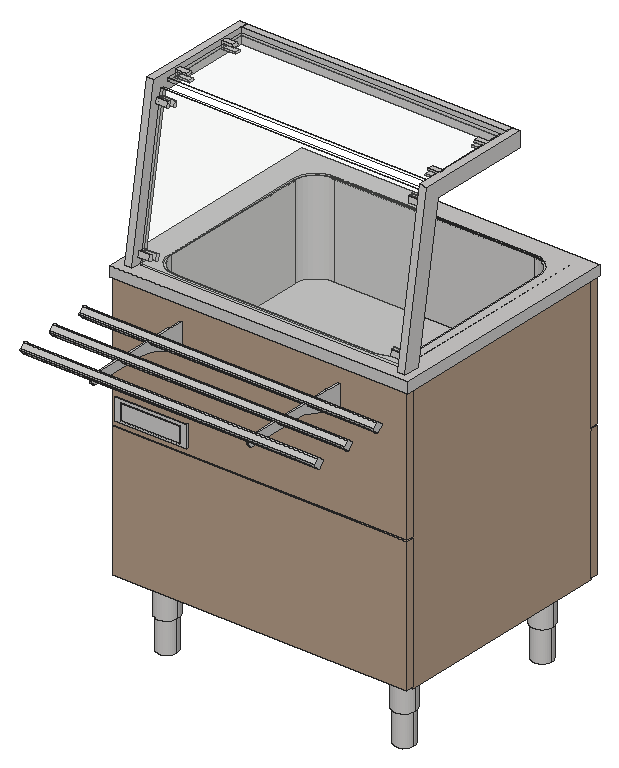
Revit family "QF_ELECTROLUXPROFESSIONAL_322090_F10C2AF01W", category Specialty Equipment, Revit 2018
Family settings
  Round Connector Dimension = Use Diameter
  Part Type = Normal
  Work Plane-Based = No
  Always vertical = Yes
  Cut with Voids When Loaded = No
  Shared = No
  Room Calculation Point = No
Parameters (values of type "Standard")
  Weight = 107.00 kg
  Watts = 0 W
  Volts = 220 V
  URL Manufacturer = "http://professional.electrolux.com"
  URL = "http://professional.electrolux.com"
  Steam Supply Size = 0 mm
  Steam Supply Minimum Pressure = 0.0 Pa
  Steam Supply Maximum Pressure = 0.0 Pa
  Steam Pounds per Hour = 0
  Show Clearance [instance] = yes
  Refrigeration Suction Line Size = 0 mm
  Refrigeration Liquid Line Size = 0 mm
  Refrigerant Compressor Remote = yes
  Manufacturer = "Electrolux Professional"
  Phase = 1
  Model = "F10C2AF01W"
  Length Actual = 770 mm  # constant formula
  Item Number = "322090"
  Hot Water Size = 0 mm
  Height Actual = 1304 mm  # constant formula
  HP = "0 HP"
  Gas Size = 0 mm
  Gas KW = 0
  Gas Input Pressure = 0 W
  Direct Waste Size = 19.05 mm
  Description = "REFRIGERATED WELL, STATIC, 2GN H=900MM OVERSHELF W/LED LIGHTS"
  Depth Actual = 915 mm  # constant formula
  Cycle = 50 Hz
  Condensate Return Size = 0 mm
  Compressed Air Volume = 0.0 L/s
  Compressed Air Size = 0 mm
  Compressed Air Pressure = 0.0 Pa
  Cold Water Size = 0 mm
  Accessory = yes
Types (2, lengths in mm): name | URL | Manufacturer | Phase | Model | Description
  (no name) | 0 | 0 | 0 | 0 | 0
  Standard | "http://professional.electrolux.com" | "Electrolux Professional" | 1 | "F10C2AF01W" | "REFRIGERATED WELL, STATIC, 2GN H=900MM OVERSHELF W/LED LIGHTS"
Values of the unnamed type that differ from the named types
  Volts = 0 V
  URL Manufacturer = ""
  Item Number = ""
  Cycle = 0 Hz
Reference planes
  plane 1 "Centro (Fronte/Retro)": y = 74.737
  plane 2: z = 0
  plane 3 "BACK": y = 384.737
  plane 4 "FRONT": y = -235.263
  plane 5: z = 900
  plane 6 "RIGHT": x = -129.269
  plane 7 "LEFT": x = -899.269
  plane 8: x = -514.269
  plane 9: y = 664.737
  plane 10: y = -530.02
  plane 11: z = 178
  plane 12: z = 1304
  plane 13: z = 1222
  plane 14: y = 297.737
  plane 15: y = -148.263
  plane 16: x = -821.269
  plane 17: x = -207.269
  plane 18: x = -895.269
  plane 19: y = -231.263
  plane 20: x = -133.269
  plane 21: y = 380.737
  plane 22: z = 874
  plane 23: y = 362.737
  plane 24: y = -213.263
  plane 25: z = 182
  plane 26: z = 527
  plane 27: z = 531
  plane 28: x = -308.269
  plane 29: x = -720.269
  plane 30: x = -877.394
  plane 31: x = -151.144
  plane 32: x = -171.144
  plane 33: x = -857.394
  plane 34: x = -849.269
  plane 35: x = -179.269
  plane 36: y = 130.237
  plane 37: y = 19.237
  plane 38: y = 33.237
  plane 39: y = 116.237
  plane 40: x = -787.269
  plane 41: x = -234.269
Forms (mm)
  Extrusion 1, solid, material "QF_Finishes_Wood"
    sketch origin (0, 0, 0) x (1, 0, 0) y (0, 1, 0)
      loop
        line (-895.269, 362.737) -> (-895.269, -213.263) -> (-133.269, -213.263) -> (-133.269, 362.737) -> (-895.269, 362.737)
    from 178 to 874
  Extrusion 2, solid, material "QF_Finishes_Wood"
    sketch origin (-133.269, 362.737, 0) x (0, -1, 0) y (0, 0, -1)
      loop
        line (576, -182) -> (576, -527) -> (594, -527) -> (594, -182) -> (576, -182)
      loop
        line (576, -531) -> (576, -874) -> (594, -874) -> (594, -531) -> (576, -531)
    from 0 to -762
  Extrusion 3, solid, material "QF_Finishes_Wood"
    sketch origin (-133.269, -213.263, 0) x (0, 1, 0) y (0, 0, 1)
      loop
        line (576, 531) -> (594, 531) -> (594, 874) -> (576, 874) -> (576, 531)
    from 0 to -762
  Extrusion 4, solid, material "QF_Finishes_Stainless Steel"
    sketch origin (0, 0, 0) x (1, 0, 0) y (0, 1, 0)
      loop
        line (-899.269, 384.737) -> (-899.269, -235.263) -> (-129.269, -235.263) -> (-129.269, 384.737) -> (-899.269, 384.737)
    from 874 to 900
  Extrusion 5, solid, material "QF_Finishes_Stainless Steel"
    sketch origin (-313.269, 362.737, 0) x (0, -1, 0) y (0, 0, -1)
      loop
        arc (628.84, -832.7) -> (632.082, -833.911) -> (635.519, -834.32) r 14.5
        line (635.519, -834.32) -> (675.715, -834.32) -> (689.858, -820.177) -> (704, -834.32) -> (770.715, -834.32) -> (784.858, -820.177) -> (799, -834.32) -> (865.716, -834.32) -> (879.858, -820.177) -> (887.686, -828.005) -> (887.686, -821.352)
        arc (887.686, -821.352) -> (887.303, -819.435) -> (886.214, -817.81) r 4.999
        line (886.214, -817.81) -> (881.179, -812.776)
        arc (881.179, -812.776) -> (879.559, -811.698) -> (877.651, -811.32) r 5
        line (877.651, -811.32) -> (732.206, -811.32)
        arc (732.206, -811.32) -> (708.662, -809.221) -> (685.86, -802.991) r 133.106
        line (685.86, -802.991) -> (638.285, -785.32) -> (597.679, -770.12) -> (594, -770.12) -> (594, -832.7) -> (628.84, -832.7)
    from 0 to 5
  Extrusion 6, void
    sketch origin (0, 0, 0) x (1, 0, 0) y (0, 1, 0)
      loop
        line (-834.269, 273.737) -> (-834.269, -124.263)
        arc (-834.269, -124.263) -> (-816.402, -167.396) -> (-773.269, -185.263) r 61
        line (-773.269, -185.263) -> (-255.269, -185.263)
        arc (-255.269, -185.263) -> (-212.135, -167.396) -> (-194.269, -124.263) r 61
        line (-194.269, -124.263) -> (-194.269, 273.737)
        arc (-194.269, 273.737) -> (-212.135, 316.871) -> (-255.269, 334.737) r 61
        line (-255.269, 334.737) -> (-773.269, 334.737)
        arc (-773.269, 334.737) -> (-816.402, 316.871) -> (-834.269, 273.737) r 61
    from 610.167 to 900
  Extrusion 7, solid, material "QF_Finishes_Wood"
    sketch origin (419.731, -213.263, -348) x (0, 1, 0) y (0, 0, 1)
      loop
        line (576, 530) -> (594, 530) -> (594, 875) -> (576, 875) -> (576, 530)
    from -553 to -658.044
  Extrusion 8, solid, material "QF_Finishes_Wood"
    sketch origin (-234.269, -213.263, -348) x (0, 1, 0) y (0, 0, 1)
      loop
        line (576, 530) -> (594, 530) -> (594, 875) -> (576, 875) -> (576, 530)
    from -548.963 to -661
  Extrusion 9, solid, material "QF_Door-Drawer Clearances", visible <- "Show Clearance"
    sketch origin (0, -4, 0) x (1, 0, 0) y (0, 1, 0)
      loop
        line (-783.232, 384.737) -> (-238.312, 384.737) -> (-710.987, 657.636)
        arc (-710.987, 657.636) -> (-765.12, 525.955) -> (-783.232, 384.737) r 544.001
    from 182 to 527
  Extrusion 10, solid, material "QF_Finishes_Stainless Steel"
    sketch origin (-720.269, 362.737, 0) x (0, -1, 0) y (0, 0, -1)
      loop
        arc (628.84, -832.7) -> (632.082, -833.911) -> (635.519, -834.32) r 14.5
        line (635.519, -834.32) -> (675.715, -834.32) -> (689.858, -820.177) -> (704, -834.32) -> (770.715, -834.32) -> (784.858, -820.177) -> (799, -834.32) -> (865.716, -834.32) -> (879.858, -820.177) -> (887.686, -828.005) -> (887.686, -821.352)
        arc (887.686, -821.352) -> (887.303, -819.435) -> (886.214, -817.81) r 4.999
        line (886.214, -817.81) -> (881.179, -812.776)
        arc (881.179, -812.776) -> (879.559, -811.698) -> (877.651, -811.32) r 5
        line (877.651, -811.32) -> (732.206, -811.32)
        arc (732.206, -811.32) -> (708.662, -809.221) -> (685.86, -802.991) r 133.106
        line (685.86, -802.991) -> (638.285, -785.32) -> (597.679, -770.12) -> (594, -770.12) -> (594, -832.7) -> (628.84, -832.7)
    from 0 to 5
  Extrusion 11, solid, material "QF_Finishes_Stainless Steel"
    sketch origin (-133.269, 362.737, 0) x (0, -1, 0) y (0, 0, -1)
      loop
        line (881.983, -846.337) -> (891.875, -836.445)
        arc (891.875, -836.445) -> (892.757, -834.322) -> (891.879, -832.198) r 3
        line (891.879, -832.198) -> (881.979, -822.299)
        arc (881.979, -822.299) -> (879.858, -821.42) -> (877.737, -822.299) r 3
        line (877.737, -822.299) -> (867.837, -832.198)
        arc (867.837, -832.198) -> (866.958, -834.32) -> (867.837, -836.441) r 3
        line (867.837, -836.441) -> (877.737, -846.34)
        arc (877.737, -846.34) -> (879.86, -847.219) -> (881.983, -846.337) r 3
      loop
        line (786.979, -846.34) -> (796.879, -836.441)
        arc (796.879, -836.441) -> (797.757, -834.32) -> (796.879, -832.198) r 3
        line (796.879, -832.198) -> (786.979, -822.299)
        arc (786.979, -822.299) -> (784.858, -821.42) -> (782.737, -822.299) r 3
        line (782.737, -822.299) -> (772.837, -832.198)
        arc (772.837, -832.198) -> (771.958, -834.317) -> (772.833, -836.437) r 3
        line (772.833, -836.437) -> (782.741, -846.345)
        arc (782.741, -846.345) -> (784.861, -847.219) -> (786.979, -846.34) r 3
      loop
        line (691.976, -846.343) -> (701.882, -836.438)
        arc (701.882, -836.438) -> (702.757, -834.318) -> (701.879, -832.198) r 3
        line (701.879, -832.198) -> (691.979, -822.299)
        arc (691.979, -822.299) -> (689.858, -821.42) -> (687.737, -822.299) r 3
        line (687.737, -822.299) -> (677.837, -832.198)
        arc (677.837, -832.198) -> (676.958, -834.32) -> (677.837, -836.441) r 3
        line (677.837, -836.441) -> (687.737, -846.34)
        arc (687.737, -846.34) -> (689.856, -847.219) -> (691.976, -846.343) r 3
    from 0 to -762
  Extrusion 12, solid, material "QF_Finishes_Stainless Steel"
    sketch origin (-133.269, 362.737, 0) x (0, -1, 0) y (0, 0, -1)
      loop
        line (206.477, -1264.379) -> (206.477, -1304) -> (507.108, -1304) -> (578.344, -900) -> (537.727, -900) -> (473.477, -1264.379) -> (206.477, -1264.379)
    from -17.875 to -37.875
  Extrusion 13, solid, material "QF_Finishes_Stainless Steel"
    sketch origin (-895.269, 362.737, 0) x (0, -1, 0) y (0, 0, 1)
      loop
        line (206.477, 1264.379) -> (473.477, 1264.379) -> (537.727, 900) -> (578.344, 900) -> (507.108, 1304) -> (206.477, 1304) -> (206.477, 1264.379)
    from -17.875 to -37.875
  Extrusion 14, solid, material "QF_Finishes_Glass"
    sketch origin (-133.269, -231.263, 531) x (0, 0, 1) y (-1, 0, 0)
      loop
        line (757.879, 46) -> (765.879, 46) -> (765.879, 716) -> (757.879, 716) -> (757.879, 46)
    from -361.5 to -120.204
  Extrusion 15, solid, material "QF_Finishes_Stainless Steel"
    sketch origin (0, 0, 0) x (1, 0, 0) y (0, 1, 0)
      loop
        line (-857.394, 156.26) -> (-857.394, 136.26) -> (-171.144, 136.26) -> (-171.144, 156.26) -> (-857.394, 156.26)
    from 1264.379 to 1304
  Extrusion 16, solid, material "QF_Finishes_Glass"
    sketch origin (-133.269, 362.737, 0) x (0, -1, 0) y (0, 0, -1)
      loop
        line (494.569, -1282.974) -> (562.097, -900) -> (553.974, -900) -> (486.445, -1282.974) -> (494.569, -1282.974)
    from -46 to -716
  Extrusion 17, solid, material "QF_Finishes_Stainless Steel"
    sketch origin (-133.269, -64.263, 531) x (0, 0, 1) y (-1, 0, 0)
      loop
        line (765.879, 691.5) -> (770.879, 693.5) -> (770.879, 724.125) -> (750.879, 724.125) -> (750.879, 716) -> (751.974, 716) -> (751.974, 685.938) -> (755.879, 687.5) -> (755.879, 717) -> (765.879, 717) -> (765.879, 691.5)
    from 0 to 14
  Extrusion 18, solid, material "QF_Finishes_Stainless Steel"
    sketch origin (-133.269, 85.737, 531) x (0, 0, 1) y (-1, 0, 0)
      loop
        line (765.879, 691.5) -> (770.879, 693.5) -> (770.879, 724.125) -> (750.879, 724.125) -> (750.879, 716) -> (751.974, 716) -> (751.974, 685.938) -> (755.879, 687.5) -> (755.879, 717) -> (765.879, 717) -> (765.879, 691.5)
    from 0 to 14
  Extrusion 19, solid, material "QF_Finishes_Stainless Steel"
    sketch origin (-895.269, -64.263, 531) x (0, 0, 1) y (-1, 0, 0)
      loop
        line (765.879, -691.5) -> (765.879, -717) -> (755.879, -717) -> (755.879, -687.5) -> (751.974, -685.938) -> (751.974, -716) -> (750.879, -716) -> (750.879, -724.125) -> (770.879, -724.125) -> (770.879, -693.5) -> (765.879, -691.5)
    from 0 to 14
  Extrusion 20, solid, material "QF_Finishes_Stainless Steel"
    sketch origin (-895.269, 85.737, 531) x (0, 0, 1) y (-1, 0, 0)
      loop
        line (765.879, -691.5) -> (765.879, -717) -> (755.879, -717) -> (755.879, -687.5) -> (751.974, -685.938) -> (751.974, -716) -> (750.879, -716) -> (750.879, -724.125) -> (770.879, -724.125) -> (770.879, -693.5) -> (765.879, -691.5)
    from 0 to 14
  Extrusion 21, solid, material "QF_Finishes_Stainless Steel"
    sketch origin (-895.269, 619.458, 1129.907) x (0, -0.984808, 0.173648) y (-1, 0, 0)
      loop
        line (765.879, -691.5) -> (765.879, -717) -> (755.879, -717) -> (755.879, -687.5) -> (751.974, -685.938) -> (751.974, -716) -> (750.879, -716) -> (750.879, -724.125) -> (770.879, -724.125) -> (770.879, -693.5) -> (765.879, -691.5)
    from 0 to 14
  Extrusion 22, solid, material "QF_Finishes_Stainless Steel"
    sketch origin (-133.269, 619.458, 1129.907) x (0, -0.984808, 0.173648) y (-1, 0, 0)
      loop
        line (765.879, 691.5) -> (770.879, 693.5) -> (770.879, 724.125) -> (750.879, 724.125) -> (750.879, 716) -> (751.974, 716) -> (751.974, 685.938) -> (755.879, 687.5) -> (755.879, 717) -> (765.879, 717) -> (765.879, 691.5)
    from 0 to 14
  Extrusion 23, solid, material "QF_Finishes_Stainless Steel"
    sketch origin (-895.269, 562.154, 799.389) x (0, -0.984808, 0.173648) y (-1, 0, 0)
      loop
        line (765.879, -691.5) -> (765.879, -717) -> (755.879, -717) -> (755.879, -687.5) -> (751.974, -685.938) -> (751.974, -716) -> (750.879, -716) -> (750.879, -724.125) -> (770.879, -724.125) -> (770.879, -693.5) -> (765.879, -691.5)
    from 0 to 14
  Extrusion 24, solid, material "QF_Finishes_Stainless Steel"
    sketch origin (-133.269, 562.154, 799.389) x (0, -0.984808, 0.173648) y (-1, 0, 0)
      loop
        line (765.879, 691.5) -> (770.879, 693.5) -> (770.879, 724.125) -> (750.879, 724.125) -> (750.879, 716) -> (751.974, 716) -> (751.974, 685.938) -> (755.879, 687.5) -> (755.879, 717) -> (765.879, 717) -> (765.879, 691.5)
    from 0 to 14
  Extrusion 25, solid, material "QF_Finishes_Wood"
    sketch origin (314.688, -213.263, -348) x (0, 1, 0) y (0, 0, 1)
      loop
        line (576, 530) -> (594, 530) -> (594, 875) -> (576, 875) -> (576, 530)
    from -553 to -1097.92
  Extrusion 26, solid, material "QF_Finishes_Stainless Steel"
    sketch origin (-1028.537, 3.4, 0) x (-1, 0, 0) y (0, -1, 0)
      loop
        circle (-196.269, -121.337) r 10
    from 178 to 166
  Extrusion 27, solid, material "QF_Finishes_Stainless Steel"
    sketch origin (-1028.537, 146.074, 0) x (-1, 0, 0) y (0, -1, 0)
      loop
        circle (-196.269, 121.337) r 10
    from 178 to 166
Cuts and joins
  Extrusion 6 cuts Extrusion 1
  Extrusion 6 cuts Extrusion 4
Lines and regions (mm)
  symbolic lines
    curve 1: line (-129.269, 384.737, 0) -> (-129.269, -235.263, 0)
    curve 2: line (-899.269, -235.263, 0) -> (-899.269, 384.737, 0)
    curve 3: line (-899.269, 384.737, 0) -> (-129.269, 384.737, 0)
    curve 4: line (-899.269, -235.263, 0) -> (-129.269, -235.263, 0)
    curve 5: line (-179.269, -64.263, 0) -> (-179.269, 71.737, 0)
    curve 6: line (-849.269, 71.737, 0) -> (-849.269, -64.263, 0)
    curve 7: line (-877.394, 156.26, 0) -> (-151.144, 156.26, 0)
    curve 8: line (-151.144, 156.26, 0) -> (-151.144, -215.607, 0)
    curve 9: line (-151.144, -215.607, 0) -> (-171.144, -215.607, 0)
    curve 10: line (-171.144, -215.607, 0) -> (-171.144, 156.26, 0)
    curve 11: line (-171.144, 136.26, 0) -> (-857.394, 136.26, 0)
    curve 12: line (-857.394, 156.26, 0) -> (-857.394, -215.607, 0)
    curve 13: line (-857.394, -215.607, 0) -> (-877.394, -215.607, 0)
    curve 14: line (-877.394, -215.607, 0) -> (-877.394, 156.26, 0)
    curve 15: line (-877.394, -144.371, 0) -> (-857.394, -144.371, 0)
    curve 16: line (-171.144, -144.371, 0) -> (-151.144, -144.371, 0)
    curve 17: line (-849.269, 130.237, 0) -> (-849.269, 85.737, 0)
    curve 18: line (-849.269, 130.237, 0) -> (-179.269, 130.237, 0)
    curve 19: line (-179.269, 130.237, 0) -> (-179.269, 85.737, 0)
    curve 20: line (-179.269, -78.263, 0) -> (-179.269, -111.059, 0)
    curve 21: line (-171.144, 85.737, 0) -> (-203.769, 85.737, 0)
    curve 22: line (-203.769, 85.737, 0) -> (-203.769, 71.737, 0)
    curve 23: line (-203.769, 71.737, 0) -> (-171.144, 71.737, 0)
    curve 24: line (-171.144, -64.263, 0) -> (-203.769, -64.263, 0)
    curve 25: line (-203.769, -64.263, 0) -> (-203.769, -78.263, 0)
    curve 26: line (-203.769, -78.263, 0) -> (-171.144, -78.263, 0)
    curve 27: line (-857.394, -64.263, 0) -> (-824.769, -64.263, 0)
    curve 28: line (-824.769, -64.263, 0) -> (-824.769, -78.263, 0)
    curve 29: line (-824.769, -78.263, 0) -> (-857.394, -78.263, 0)
    curve 30: line (-857.394, 85.737, 0) -> (-824.769, 85.737, 0)
    curve 31: line (-824.769, 85.737, 0) -> (-824.769, 71.737, 0)
    curve 32: line (-824.769, 71.737, 0) -> (-857.394, 71.737, 0)
    curve 33: line (-857.394, -142.14, 0) -> (-826.769, -142.14, 0)
    curve 34: line (-826.769, -142.14, 0) -> (-826.769, -139.709, 0)
    curve 35: line (-826.769, -139.709, 0) -> (-857.394, -139.709, 0)
    curve 36: line (-826.769, -142.14, 0) -> (-824.769, -137.216, 0)
    curve 37: line (-850.269, -134.785, 0) -> (-824.769, -134.785, 0)
    curve 38: line (-850.269, -134.785, 0) -> (-850.269, -124.937, 0)
    curve 39: line (-850.269, -124.937, 0) -> (-849.269, -124.937, 0)
    curve 40: line (-850.269, -127.368, 0) -> (-849.269, -127.368, 0)
    curve 41: line (-857.394, -120.013, 0) -> (-849.269, -120.013, 0)
    curve 42: line (-849.269, -120.013, 0) -> (-849.269, -121.091, 0)
    curve 43: line (-849.269, -121.091, 0) -> (-819.207, -121.091, 0)
    curve 44: line (-819.207, -121.091, 0) -> (-819.207, -123.708, 0)
    curve 45: line (-819.207, -121.091, 0) -> (-820.269, -123.708, 0)
    curve 46: line (-826.769, -139.709, 0) -> (-824.769, -134.785, 0)
    curve 47: line (-824.769, -134.785, 0) -> (-824.769, -137.216, 0)
    curve 48: line (-849.269, -123.708, 0) -> (-849.269, -134.785, 0)
    curve 49: line (-179.269, -131.831, 0) -> (-179.269, -123.708, 0)
    curve 50: line (-179.269, -123.708, 0) -> (-849.269, -123.708, 0)
    curve 51: line (-171.144, -142.14, 0) -> (-201.769, -142.14, 0)
    curve 52: line (-201.769, -142.14, 0) -> (-201.769, -139.709, 0)
    curve 53: line (-201.769, -139.709, 0) -> (-171.144, -139.709, 0)
    curve 54: line (-201.769, -142.14, 0) -> (-203.769, -137.216, 0)
    curve 55: line (-178.269, -134.785, 0) -> (-203.769, -134.785, 0)
    curve 56: line (-178.269, -134.785, 0) -> (-178.269, -124.937, 0)
    curve 57: line (-178.269, -124.937, 0) -> (-179.269, -124.937, 0)
    curve 58: line (-178.269, -127.368, 0) -> (-179.269, -127.368, 0)
    curve 59: line (-171.144, -120.013, 0) -> (-179.269, -120.013, 0)
    curve 60: line (-179.269, -120.013, 0) -> (-179.269, -121.091, 0)
    curve 61: line (-179.269, -121.091, 0) -> (-209.331, -121.091, 0)
    curve 62: line (-209.331, -121.091, 0) -> (-209.331, -123.708, 0)
    curve 63: line (-209.331, -121.091, 0) -> (-208.268, -123.708, 0)
    curve 64: line (-201.769, -139.709, 0) -> (-203.769, -134.785, 0)
    curve 65: line (-203.769, -134.785, 0) -> (-203.769, -137.216, 0)
    curve 66: line (-179.269, -123.708, 0) -> (-179.269, -134.785, 0)
    curve 67: line (-849.269, -142.14, 0) -> (-849.269, -192.089, 0)
    curve 68: line (-849.269, -177.317, 0) -> (-857.394, -177.317, 0)
    curve 69: line (-849.269, -182.241, 0) -> (-850.269, -182.241, 0)
    curve 70: line (-850.269, -184.672, 0) -> (-849.269, -184.672, 0)
    curve 71: line (-850.269, -182.241, 0) -> (-850.269, -192.089, 0)
    curve 72: line (-850.269, -192.089, 0) -> (-824.779, -192.089, 0)
    curve 73: line (-826.769, -197.013, 0) -> (-824.779, -192.089, 0)
    curve 74: line (-824.779, -192.089, 0) -> (-824.779, -194.52, 0)
    curve 75: line (-826.769, -199.444, 0) -> (-824.779, -194.52, 0)
    curve 76: line (-826.769, -197.013, 0) -> (-826.769, -199.444, 0)
    curve 77: line (-857.394, -199.444, 0) -> (-826.769, -199.444, 0)
    curve 78: line (-826.769, -197.013, 0) -> (-857.394, -197.013, 0)
    curve 79: line (-179.269, -177.317, 0) -> (-171.144, -177.317, 0)
    curve 80: line (-179.269, -182.241, 0) -> (-178.269, -182.241, 0)
    curve 81: line (-178.269, -184.672, 0) -> (-179.269, -184.672, 0)
    curve 82: line (-178.269, -182.241, 0) -> (-178.269, -192.089, 0)
    curve 83: line (-178.269, -192.089, 0) -> (-203.758, -192.089, 0)
    curve 84: line (-201.769, -197.013, 0) -> (-203.758, -192.089, 0)
    curve 85: line (-203.758, -192.089, 0) -> (-203.758, -194.52, 0)
    curve 86: line (-201.769, -199.444, 0) -> (-203.758, -194.52, 0)
    curve 87: line (-201.769, -197.013, 0) -> (-201.769, -199.444, 0)
    curve 88: line (-171.144, -199.444, 0) -> (-201.769, -199.444, 0)
    curve 89: line (-201.769, -197.013, 0) -> (-171.144, -197.013, 0)
    curve 90: line (-826.735, -199.36, 0) -> (-201.803, -199.36, 0)
    curve 91: line (-849.269, -78.263, 0) -> (-849.269, -111.059, 0)
    curve 92: line (-849.269, -111.059, 0) -> (-179.269, -111.059, 0)
    curve 93: line (-849.269, -131.831, 0) -> (-179.269, -131.831, 0)
    curve 94: line (-179.269, -142.14, 0) -> (-179.269, -192.089, 0)
    curve 95: line (-899.269, -235.263, 0) -> (-899.269, -530.02, 0)
    curve 96: line (-899.269, -530.02, 0) -> (-129.269, -530.02, 0)
    curve 97: line (-129.269, -530.02, 0) -> (-129.269, -235.263, 0)
  symbolic lines, style "QF_Door-Drawer Clearances"
    curve 98: line (-245.24, 384.737, 0) -> (-710.987, 653.636, 0)
    curve 99: arc (-710.987, 653.636, 0) -> (-764.605, 523.887, 0) -> (-783.232, 384.737, 0) r 544.001
    curve 100: line (-285.24, 384.737, 0) -> (-720.987, 636.316, 0)
  symbolic lines, style "SpecialityEquipmentHiddenLines"
    curve 101: line (-255.269, 329.737, 0) -> (-773.269, 329.737, 0)
    curve 102: arc (-773.269, 329.737, 0) -> (-812.867, 313.335, 0) -> (-829.269, 273.737, 0) r 56
    curve 103: line (-829.269, 273.737, 0) -> (-829.269, -124.263, 0)
    curve 104: arc (-829.269, -124.263, 0) -> (-812.867, -163.861, 0) -> (-773.269, -180.263, 0) r 56
    curve 105: line (-773.269, -180.263, 0) -> (-255.269, -180.263, 0)
    curve 106: arc (-255.269, -180.263, 0) -> (-215.671, -163.861, 0) -> (-199.269, -124.263, 0) r 56
    curve 107: line (-199.269, -124.263, 0) -> (-199.269, 273.737, 0)
    curve 108: arc (-199.269, 273.737, 0) -> (-215.671, 313.335, 0) -> (-255.269, 329.737, 0) r 56
    curve 109: line (-514.269, 329.737, 0) -> (-514.269, -180.263, 0)
Dimensions and locks
  plane 7 "LEFT" to plane 6 "RIGHT" = 770 mm
  equal spacing: plane 3 "BACK", plane 1 "Centro (Fronte/Retro)", plane 4 "FRONT"
  plane 3 "BACK" to plane 4 "FRONT" = 620 mm
  equal spacing: plane 7 "LEFT", plane 8, plane 6 "RIGHT"
  locked: plane 9 to plane 3 "BACK" at 280
  locked: plane 4 "FRONT" to plane 10 at 294.757
  locked: plane 11 to plane 2 at 178
  locked: plane 5 to plane 2 at 900
  locked: plane 12 to plane 2 at 1304
  locked: plane 13 to plane 2 at 1222
  locked: plane 3 "BACK" to plane 14 at 87
  locked: plane 7 "LEFT" to plane 16 at 78
  locked: plane 17 to plane 6 "RIGHT" at 78
  locked: plane 15 to plane 4 "FRONT" at 87
  locked: plane 3 "BACK" to plane 21 at 4
  locked: plane 7 "LEFT" to plane 18 at 4
  locked: plane 20 to plane 6 "RIGHT" at 4
  locked: plane 19 to plane 4 "FRONT" at 4
  locked: plane 5 to plane 22 at 26
  locked: plane 24 to plane 19 at 18
  locked: plane 21 to plane 23 at 18
  locked: plane 20 to plane 28 at 175
  locked: plane 29 to plane 18 at 175
  equal spacing: plane 30, plane 8, plane 31
  plane 30 to plane 31 = 726.25 mm
  locked: plane 30 to plane 33 at 20
  locked: plane 32 to plane 31 at 20
  equal spacing: plane 34, plane 8, plane 35
  plane 34 to plane 35 = 670 mm
  equal spacing: plane 36, plane 1 "Centro (Fronte/Retro)", plane 37
  plane 36 to plane 37 = 111 mm
  locked: plane 36 to plane 39 at 14
  locked: plane 38 to plane 37 at 14
  locked: plane 41 to plane 6 "RIGHT" at 105
  locked: plane 7 "LEFT" to plane 40 at 112
  plane 16 to plane 7 "LEFT" = 78 mm
  plane 6 "RIGHT" to plane 17 = 78 mm
  angle Extrusion 9 sketch curve to Extrusion 25 = 30.00°
  aligned and locked: level to plane 2
  aligned and locked: Extrusion 1 sketch curve to plane 23
  aligned and locked: plane 18 to Extrusion 1 sketch curve
  aligned and locked: plane 24 to Extrusion 1 sketch curve
  aligned and locked: Extrusion 1 sketch curve to plane 20
  aligned and locked: plane 22 to Extrusion 1
  aligned and locked: Extrusion 1 to plane 11
  aligned and locked: plane 25 to Extrusion 2 sketch curve
  aligned and locked: Extrusion 2 sketch curve to plane 24  (x2)
  aligned and locked: Extrusion 2 sketch curve to plane 26
  aligned and locked: plane 19 to Extrusion 2 sketch curve  (x2)
  aligned and locked: plane 27 to Extrusion 2 sketch curve
  aligned and locked: Extrusion 2 sketch curve to plane 22
  aligned and locked: Extrusion 2 to plane 18
  aligned and locked: Extrusion 3 to plane 18
  aligned and locked: Extrusion 4 sketch curve to plane 3 "BACK"
  aligned and locked: plane 7 "LEFT" to Extrusion 4 sketch curve
  aligned and locked: plane 4 "FRONT" to Extrusion 4 sketch curve
  aligned and locked: Extrusion 4 sketch curve to plane 6 "RIGHT"
  aligned and locked: Extrusion 4 to plane 22
  aligned and locked: plane 20 to Extrusion 7
  aligned and locked: Extrusion 8 to plane 18
  aligned and locked: plane 26 to Extrusion 9
  aligned and locked: Extrusion 7 to plane 25
  aligned and locked: Extrusion 8 to plane 25
  aligned and locked: plane 16 to nested 1
  aligned and locked: plane 17 to nested 2
  aligned and locked: nested 2 to plane 15
  aligned and locked: nested 1 to plane 15
  aligned and locked: nested 3 to plane 14
  aligned and locked: plane 16 to nested 4
  aligned and locked: plane 20 to Extrusion 11
  aligned and locked: Extrusion 11 to plane 18
  aligned and locked: nested 4 to plane 14
  aligned and locked: Extrusion 12 to plane 31
  aligned and locked: Extrusion 12 to plane 32
  aligned and locked: plane 33 to Extrusion 13
  aligned and locked: Extrusion 13 to plane 30
  aligned and locked: Extrusion 15 sketch curve to plane 32
  aligned and locked: plane 33 to Extrusion 15 sketch curve
  aligned and locked: Extrusion 15 to Extrusion 12
  aligned and locked: Extrusion 16 to plane 34
  aligned and locked: plane 35 to Extrusion 16
  aligned and locked: plane 33 to Extrusion 17 sketch curve
  aligned and locked: Extrusion 14 sketch curve to plane 35
  aligned and locked: plane 34 to Extrusion 14 sketch curve
Automatic sketch dimensions
  Extrusion 1 to Extrusion 3 sketch curve = 0 mm
  Extrusion 3 sketch curve to Extrusion 1 = 0 mm
  Extrusion 3 sketch curve to Extrusion 3 sketch curve = 18 mm
  Extrusion 3 sketch curve to Extrusion 3 sketch curve = 343 mm
  Extrusion 5 sketch curve to plane 19 = 0 mm
  plane 4 "FRONT" to Extrusion 5 sketch curve = 0.321 mm
  Extrusion 5 sketch curve to plane 4 "FRONT" = 30.84 mm
  Extrusion 5 sketch curve to Extrusion 5 sketch curve = 6.66 mm
  Extrusion 5 sketch curve to Extrusion 5 sketch curve = 6.678 mm
  Extrusion 5 sketch curve to Extrusion 5 sketch curve = 2.785 mm
  Extrusion 5 sketch curve to Extrusion 5 sketch curve = 40.197 mm
  Extrusion 5 sketch curve to Extrusion 5 sketch curve = 10.145 mm
  Extrusion 5 sketch curve to Extrusion 5 sketch curve = 3.998 mm
  Extrusion 5 sketch curve to plane 22 = 39.68 mm  (x3)
  Extrusion 5 sketch curve to Extrusion 5 sketch curve = 14.142 mm  (x3)
  Extrusion 5 sketch curve to Extrusion 5 sketch curve = 28.206 mm
  Extrusion 5 sketch curve to Extrusion 5 sketch curve = 38.51 mm
  Extrusion 5 sketch curve to Extrusion 5 sketch curve = 14.143 mm
  plane 10 to Extrusion 5 sketch curve = 27.042 mm
  plane 10 to Extrusion 5 sketch curve = 15.107 mm
  Extrusion 5 sketch curve to Extrusion 5 sketch curve = 2.207 mm
  Extrusion 5 sketch curve to Extrusion 5 sketch curve = 3.528 mm  (x2)
  Extrusion 5 sketch curve to Extrusion 5 sketch curve = 2.829 mm
  plane 10 to Extrusion 5 sketch curve = 5.072 mm
  Extrusion 5 sketch curve to Extrusion 5 sketch curve = 1.62 mm
  Extrusion 5 sketch curve to Extrusion 5 sketch curve = 6.314 mm
  Extrusion 5 sketch curve to Extrusion 5 sketch curve = 6.653 mm
  Extrusion 5 sketch curve to Extrusion 5 sketch curve = 1.175 mm
  Extrusion 5 sketch curve to Extrusion 5 sketch curve = 3.858 mm
  Extrusion 5 sketch curve to Extrusion 5 sketch curve = 3.543 mm
  Extrusion 5 sketch curve to Extrusion 5 sketch curve = 23 mm
  Extrusion 5 sketch curve to Extrusion 5 sketch curve = 17.187 mm
  Extrusion 5 sketch curve to Extrusion 5 sketch curve = 34.499 mm
  Extrusion 5 sketch curve to Extrusion 5 sketch curve = 15.2 mm
  Extrusion 5 sketch curve to Extrusion 5 sketch curve = 0 mm
  Extrusion 6 sketch curve to plane 40 = 14 mm  (x2)
  plane 41 to Extrusion 6 sketch curve = 21 mm  (x2)
  plane 17 to Extrusion 6 sketch curve = 13 mm
  plane 24 to Extrusion 6 sketch curve = 28 mm
  plane 15 to Extrusion 6 sketch curve = 24 mm
  Extrusion 6 sketch curve to plane 14 = 24 mm  (x2)
  Extrusion 6 sketch curve to Extrusion 6 sketch curve = 0 mm  (x3)
  Extrusion 7 sketch curve to plane 23 = 0 mm
  Extrusion 7 sketch curve to plane 21 = 0 mm
  Extrusion 7 sketch curve to plane 25 = 0 mm
  Extrusion 7 sketch curve to plane 26 = 0 mm
  Extrusion 8 sketch curve to plane 23 = 0 mm
  Extrusion 8 sketch curve to plane 21 = 0 mm
  Extrusion 8 sketch curve to plane 25 = 0 mm
  Extrusion 8 sketch curve to plane 26 = 0 mm
  Extrusion 9 sketch curve to plane 21 = 0 mm
  Extrusion 9 sketch curve to plane 40 = 4.037 mm
  Extrusion 9 sketch curve to plane 3 "BACK" = 2 mm
  plane 41 to Extrusion 9 sketch curve = 4.966 mm
  Extrusion 9 sketch curve to Extrusion 9 sketch curve = 0.923 mm
  Extrusion 10 sketch curve to plane 19 = 0 mm
  plane 4 "FRONT" to Extrusion 10 sketch curve = 0.321 mm
  Extrusion 10 sketch curve to plane 4 "FRONT" = 30.84 mm
  Extrusion 10 sketch curve to Extrusion 10 sketch curve = 6.66 mm
  Extrusion 10 sketch curve to Extrusion 10 sketch curve = 6.678 mm
  Extrusion 10 sketch curve to Extrusion 10 sketch curve = 2.785 mm
  Extrusion 10 sketch curve to Extrusion 10 sketch curve = 40.197 mm
  Extrusion 10 sketch curve to Extrusion 10 sketch curve = 10.145 mm
  Extrusion 10 sketch curve to Extrusion 10 sketch curve = 3.998 mm
  Extrusion 10 sketch curve to plane 22 = 39.68 mm  (x3)
  Extrusion 10 sketch curve to Extrusion 10 sketch curve = 14.142 mm  (x3)
  Extrusion 10 sketch curve to Extrusion 10 sketch curve = 28.206 mm
  Extrusion 10 sketch curve to Extrusion 10 sketch curve = 38.51 mm
  Extrusion 10 sketch curve to Extrusion 10 sketch curve = 14.143 mm
  plane 10 to Extrusion 10 sketch curve = 27.042 mm
  plane 10 to Extrusion 10 sketch curve = 15.107 mm
  Extrusion 10 sketch curve to Extrusion 10 sketch curve = 2.207 mm
  Extrusion 10 sketch curve to Extrusion 10 sketch curve = 3.528 mm  (x2)
  Extrusion 10 sketch curve to Extrusion 10 sketch curve = 2.829 mm
  plane 10 to Extrusion 10 sketch curve = 5.072 mm
  Extrusion 10 sketch curve to Extrusion 10 sketch curve = 1.62 mm
  Extrusion 10 sketch curve to Extrusion 10 sketch curve = 6.314 mm
  Extrusion 10 sketch curve to Extrusion 10 sketch curve = 6.653 mm
  Extrusion 10 sketch curve to Extrusion 10 sketch curve = 1.175 mm
  Extrusion 10 sketch curve to Extrusion 10 sketch curve = 3.858 mm
  Extrusion 10 sketch curve to Extrusion 10 sketch curve = 3.543 mm
  Extrusion 10 sketch curve to Extrusion 10 sketch curve = 23 mm
  Extrusion 10 sketch curve to Extrusion 10 sketch curve = 17.187 mm
  Extrusion 10 sketch curve to Extrusion 10 sketch curve = 34.499 mm
  Extrusion 10 sketch curve to Extrusion 10 sketch curve = 15.2 mm
  Extrusion 10 sketch curve to Extrusion 10 sketch curve = 0 mm
  Extrusion 1 to Extrusion 11 sketch curve = 39.68 mm
  Extrusion 11 sketch curve to Extrusion 1 = 103.958 mm
  Extrusion 11 sketch curve to Extrusion 11 sketch curve = 9.899 mm  (x7)
  Extrusion 1 to Extrusion 11 sketch curve = 27.657 mm
  Extrusion 11 sketch curve to Extrusion 11 sketch curve = 2.118 mm  (x3)
  Extrusion 1 to Extrusion 11 sketch curve = 37.562 mm
  Extrusion 11 sketch curve to Extrusion 11 sketch curve = 2.124 mm  (x2)
  Extrusion 1 to Extrusion 11 sketch curve = 37.563 mm
  Extrusion 11 sketch curve to Extrusion 11 sketch curve = 70.951 mm
  Extrusion 1 to Extrusion 11 sketch curve = 41.802 mm  (x6)
  Extrusion 11 sketch curve to Extrusion 11 sketch curve = 0.004 mm
  Extrusion 11 sketch curve to Extrusion 11 sketch curve = 2.126 mm
  Extrusion 1 to Extrusion 11 sketch curve = 27.655 mm
  Extrusion 11 sketch curve to Extrusion 11 sketch curve = 9.908 mm
  Extrusion 11 sketch curve to Extrusion 11 sketch curve = 2.117 mm
  Extrusion 11 sketch curve to Extrusion 11 sketch curve = 9.9 mm  (x3)
  Extrusion 1 to Extrusion 11 sketch curve = 27.66 mm  (x3)
  Extrusion 11 sketch curve to Extrusion 11 sketch curve = 2.121 mm  (x16)
  Extrusion 1 to Extrusion 11 sketch curve = 37.559 mm  (x3)
  Extrusion 11 sketch curve to Extrusion 11 sketch curve = 70.958 mm
  Extrusion 11 sketch curve to Extrusion 11 sketch curve = 0 mm  (x12)
  Extrusion 1 to Extrusion 11 sketch curve = 51.701 mm  (x6)
  Extrusion 1 to Extrusion 11 sketch curve = 27.663 mm
  Extrusion 11 sketch curve to Extrusion 11 sketch curve = 2.125 mm
  Extrusion 1 to Extrusion 11 sketch curve = 37.555 mm
  Extrusion 1 to Extrusion 12 sketch curve = 206.477 mm
  Extrusion 1 to Extrusion 12 sketch curve = 102.523 mm
  Extrusion 12 sketch curve to Extrusion 12 sketch curve = 33.631 mm
  Extrusion 1 to Extrusion 12 sketch curve = 38.273 mm
  Extrusion 12 sketch curve to Extrusion 1 = 2.344 mm
  Extrusion 12 sketch curve to Extrusion 1 = 430 mm
  Extrusion 12 sketch curve to Extrusion 12 sketch curve = 39.621 mm
  Extrusion 12 sketch curve to Extrusion 1 = 26 mm
  Extrusion 13 sketch curve to plane 12 = 0 mm
  Extrusion 13 sketch curve to plane 5 = 0 mm
  plane 36 to Extrusion 13 sketch curve = 26.023 mm
  plane 15 to Extrusion 13 sketch curve = 37.523 mm
  plane 15 to Extrusion 13 sketch curve = 3.892 mm
  Extrusion 13 sketch curve to plane 15 = 26.727 mm
  Extrusion 13 sketch curve to plane 24 = 2.344 mm
  Extrusion 13 sketch curve to plane 12 = 39.621 mm
  Extrusion 14 sketch curve to plane 12 = 15.121 mm
  Extrusion 14 sketch curve to plane 12 = 7.121 mm
  plane 36 to Extrusion 15 sketch curve = 6.023 mm
  Extrusion 15 sketch curve to Extrusion 15 sketch curve = 20 mm
  Extrusion 16 sketch curve to plane 5 = 0 mm
  plane 15 to Extrusion 16 sketch curve = 24.555 mm
  Extrusion 16 sketch curve to Extrusion 16 sketch curve = 8.123 mm  (x2)
  plane 24 to Extrusion 16 sketch curve = 22.026 mm
  Extrusion 16 sketch curve to plane 12 = 21.026 mm
  Extrusion 17 sketch curve to plane 34 = 0 mm
  Extrusion 17 sketch curve to plane 12 = 22.121 mm
  Extrusion 17 sketch curve to Extrusion 17 sketch curve = 1.095 mm
  plane 16 to Extrusion 17 sketch curve = 0.5 mm
  Extrusion 17 sketch curve to Extrusion 17 sketch curve = 3.905 mm
  Extrusion 17 sketch curve to plane 34 = 1 mm
  Extrusion 17 sketch curve to plane 12 = 7.121 mm
  Extrusion 17 sketch curve to plane 12 = 2.121 mm
  plane 16 to Extrusion 17 sketch curve = 2.062 mm
  Extrusion 17 sketch curve to plane 16 = 3.5 mm
  Extrusion 17 sketch curve to Extrusion 17 sketch curve = 2 mm
  Extrusion 18 sketch curve to plane 34 = 0 mm
  Extrusion 18 sketch curve to plane 33 = 0 mm
  Extrusion 18 sketch curve to plane 12 = 22.121 mm
  Extrusion 18 sketch curve to Extrusion 18 sketch curve = 1.095 mm
  plane 16 to Extrusion 18 sketch curve = 0.5 mm
  Extrusion 18 sketch curve to Extrusion 18 sketch curve = 3.905 mm
  Extrusion 18 sketch curve to plane 34 = 1 mm
  Extrusion 18 sketch curve to plane 12 = 7.121 mm
  Extrusion 18 sketch curve to plane 12 = 2.121 mm
  plane 16 to Extrusion 18 sketch curve = 2.062 mm
  Extrusion 18 sketch curve to plane 16 = 3.5 mm
  Extrusion 18 sketch curve to Extrusion 18 sketch curve = 2 mm
  Extrusion 19 sketch curve to plane 35 = 0 mm
  Extrusion 19 sketch curve to plane 32 = 0 mm
  Extrusion 19 sketch curve to plane 12 = 22.121 mm
  Extrusion 19 sketch curve to Extrusion 19 sketch curve = 1.095 mm
  Extrusion 19 sketch curve to plane 17 = 0.5 mm
  Extrusion 19 sketch curve to Extrusion 19 sketch curve = 3.905 mm
  plane 35 to Extrusion 19 sketch curve = 1 mm
  Extrusion 19 sketch curve to plane 12 = 7.121 mm
  Extrusion 19 sketch curve to plane 12 = 2.121 mm
  plane 17 to Extrusion 19 sketch curve = 5.5 mm
  plane 17 to Extrusion 19 sketch curve = 3.5 mm
  Extrusion 19 sketch curve to plane 17 = 2.062 mm
  Extrusion 20 sketch curve to plane 35 = 0 mm
  Extrusion 20 sketch curve to plane 32 = 0 mm
  Extrusion 20 sketch curve to plane 12 = 22.121 mm
  Extrusion 20 sketch curve to Extrusion 20 sketch curve = 1.095 mm
  Extrusion 20 sketch curve to plane 17 = 0.5 mm
  Extrusion 20 sketch curve to Extrusion 20 sketch curve = 3.905 mm
  plane 35 to Extrusion 20 sketch curve = 1 mm
  Extrusion 20 sketch curve to plane 12 = 7.121 mm
  Extrusion 20 sketch curve to plane 12 = 2.121 mm
  plane 17 to Extrusion 20 sketch curve = 5.5 mm
  plane 17 to Extrusion 20 sketch curve = 3.5 mm
  Extrusion 20 sketch curve to plane 17 = 2.062 mm
  plane 35 to Extrusion 21 sketch curve = 0 mm
  Extrusion 21 sketch curve to Extrusion 21 sketch curve = 1.095 mm
  Extrusion 21 sketch curve to plane 17 = 0.5 mm
  Extrusion 21 sketch curve to Extrusion 21 sketch curve = 3.905 mm
  plane 35 to Extrusion 21 sketch curve = 1 mm
  Extrusion 21 sketch curve to Extrusion 21 sketch curve = 10 mm
  Extrusion 21 sketch curve to Extrusion 21 sketch curve = 5 mm
  plane 32 to Extrusion 21 sketch curve = 0 mm
  plane 17 to Extrusion 21 sketch curve = 5.5 mm
  plane 17 to Extrusion 21 sketch curve = 3.5 mm
  Extrusion 21 sketch curve to plane 17 = 2.062 mm
  Extrusion 22 sketch curve to plane 34 = 0 mm
  Extrusion 22 sketch curve to Extrusion 22 sketch curve = 1.095 mm
  plane 16 to Extrusion 22 sketch curve = 0.5 mm
  Extrusion 22 sketch curve to Extrusion 22 sketch curve = 3.905 mm
  Extrusion 22 sketch curve to plane 34 = 1 mm
  Extrusion 22 sketch curve to Extrusion 22 sketch curve = 10 mm
  Extrusion 22 sketch curve to Extrusion 22 sketch curve = 5 mm
  plane 16 to Extrusion 22 sketch curve = 2.062 mm
  Extrusion 22 sketch curve to plane 16 = 3.5 mm
  Extrusion 22 sketch curve to Extrusion 22 sketch curve = 2 mm
  Extrusion 22 sketch curve to plane 33 = 0 mm
  plane 35 to Extrusion 23 sketch curve = 0 mm
  Extrusion 23 sketch curve to Extrusion 23 sketch curve = 1.095 mm
  Extrusion 23 sketch curve to plane 17 = 0.5 mm
  Extrusion 23 sketch curve to Extrusion 23 sketch curve = 3.905 mm
  plane 35 to Extrusion 23 sketch curve = 1 mm
  Extrusion 23 sketch curve to Extrusion 23 sketch curve = 10 mm
  Extrusion 23 sketch curve to Extrusion 23 sketch curve = 5 mm
  plane 32 to Extrusion 23 sketch curve = 0 mm
  plane 17 to Extrusion 23 sketch curve = 5.5 mm
  plane 17 to Extrusion 23 sketch curve = 3.5 mm
  Extrusion 23 sketch curve to plane 17 = 2.062 mm
  Extrusion 24 sketch curve to plane 34 = 0 mm
  Extrusion 24 sketch curve to Extrusion 24 sketch curve = 1.095 mm
  plane 16 to Extrusion 24 sketch curve = 0.5 mm
  Extrusion 24 sketch curve to Extrusion 24 sketch curve = 3.905 mm
  Extrusion 24 sketch curve to plane 34 = 1 mm
  Extrusion 24 sketch curve to Extrusion 24 sketch curve = 10 mm
  Extrusion 24 sketch curve to Extrusion 24 sketch curve = 5 mm
  plane 16 to Extrusion 24 sketch curve = 2.062 mm
  Extrusion 24 sketch curve to plane 16 = 3.5 mm
  Extrusion 24 sketch curve to Extrusion 24 sketch curve = 2 mm
  Extrusion 24 sketch curve to plane 33 = 0 mm
  Extrusion 25 sketch curve to plane 23 = 0 mm
  Extrusion 25 sketch curve to plane 21 = 0 mm
  Extrusion 25 sketch curve to plane 25 = 0 mm
  Extrusion 25 sketch curve to plane 26 = 0 mm
  plane 16 to Extrusion 26 sketch curve = 11 mm
  plane 36 to Extrusion 26 sketch curve = 5.5 mm
  Extrusion 27 sketch curve to plane 16 = 11 mm
  plane 37 to Extrusion 27 sketch curve = 5.5 mm
  curve 95 to plane 4 "FRONT" = 0 mm
  curve 95 to plane 7 "LEFT" = 0 mm
  curve 13 to plane 30 = 0 mm
  curve 27 to plane 33 = 0 mm
  curve 69 to plane 34 = 0 mm
  curve 39 to plane 34 = 0 mm
  curve 18 to plane 34 = 0 mm
  curve 91 to plane 34 = 0 mm
  curve 6 to plane 34 = 0 mm
  curve 99 to plane 3 "BACK" = 0 mm
  curve 109 to plane 8 = 0 mm
  curve 100 to plane 3 "BACK" = 0 mm
  curve 98 to plane 3 "BACK" = 0 mm
  curve 81 to plane 35 = 0 mm
  curve 93 to plane 35 = 0 mm
  curve 92 to plane 35 = 0 mm
  curve 18 to plane 35 = 0 mm
  curve 5 to plane 35 = 0 mm
  curve 23 to plane 32 = 0 mm
  curve 8 to plane 31 = 0 mm
  curve 97 to plane 6 "RIGHT" = 0 mm
  curve 97 to plane 10 = 0 mm
  curve 17 to plane 36 = 0 mm
  curve 2 to plane 3 "BACK" = 0 mm
  curve 39 to plane 34 = 1 mm
  curve 71 to plane 34 = 1 mm
  curve 41 to plane 34 = 0 mm
  curve 103 to plane 16 = 8 mm
  curve 78 to plane 16 = 5.5 mm
  curve 33 to plane 16 = 5.5 mm
  curve 73 to plane 16 = 3.511 mm
  curve 37 to plane 16 = 3.5 mm
  curve 31 to plane 16 = 3.5 mm
  curve 28 to plane 16 = 3.5 mm
  plane 16 to curve 44 = 2.062 mm
  curve 105 to plane 40 = 14 mm
  curve 101 to plane 40 = 14 mm
  plane 29 to curve 98 = 9.281 mm
  plane 41 to curve 106 = 21 mm
  plane 41 to curve 101 = 21 mm
  curve 99 to plane 3 "BACK" = 2 mm
  plane 41 to curve 99 = 4.966 mm
  curve 61 to plane 17 = 2.062 mm
  plane 17 to curve 25 = 3.5 mm
  plane 17 to curve 21 = 3.5 mm
  plane 17 to curve 54 = 3.5 mm
  plane 17 to curve 83 = 3.511 mm
  curve 54 to curve 54 = 2 mm
  curve 85 to curve 88 = 1.989 mm
  plane 17 to curve 107 = 8 mm
  plane 35 to curve 61 = 0 mm
  plane 35 to curve 56 = 1 mm
  curve 94 to curve 83 = 1 mm
  curve 13 to plane 24 = 2.344 mm
  curve 9 to plane 24 = 2.344 mm
  plane 24 to curve 75 = 13.819 mm
  plane 24 to curve 87 = 13.819 mm
  curve 86 to curve 84 = 2.431 mm
  curve 75 to curve 76 = 2.431 mm
  curve 73 to curve 74 = 2.493 mm
  curve 84 to curve 85 = 2.493 mm
  curve 78 to curve 71 = 4.924 mm
  curve 85 to curve 85 = 2.431 mm
  curve 71 to curve 69 = 9.848 mm
  curve 82 to curve 82 = 9.848 mm
  curve 105 to plane 15 = 32 mm
  plane 15 to curve 54 = 6.122 mm
  plane 15 to curve 36 = 6.122 mm
  curve 51 to curve 53 = 2.431 mm
  curve 33 to curve 35 = 2.431 mm
  curve 34 to curve 47 = 2.493 mm
  curve 52 to curve 65 = 2.493 mm
  curve 36 to curve 46 = 2.431 mm
  curve 54 to curve 64 = 2.431 mm
  curve 66 to curve 49 = 2.954 mm
  curve 93 to curve 39 = 6.894 mm
  curve 49 to curve 56 = 6.894 mm
  curve 57 to curve 66 = 1.229 mm
  curve 49 to curve 60 = 2.617 mm
  curve 44 to curve 45 = 2.617 mm
  curve 42 to curve 41 = 1.078 mm
  curve 60 to curve 59 = 1.078 mm
  curve 41 to curve 91 = 8.954 mm
  curve 91 to curve 29 = 32.796 mm
  curve 20 to curve 26 = 32.796 mm
  curve 28 to curve 27 = 14 mm
  curve 25 to curve 25 = 14 mm
  plane 1 "Centro (Fronte/Retro)" to curve 32 = 3 mm
  plane 1 "Centro (Fronte/Retro)" to curve 22 = 3 mm
  curve 21 to plane 1 "Centro (Fronte/Retro)" = 11 mm
  curve 30 to plane 1 "Centro (Fronte/Retro)" = 11 mm
  plane 36 to curve 8 = 26.023 mm
  curve 107 to plane 14 = 24 mm
  curve 98 to plane 9 = 11.101 mm
  curve 75 to curve 90 = 0.034 mm
  plane 16 to curve 45 = 0.999 mm
  curve 100 to plane 29 = 0.719 mm
  plane 28 to curve 100 = 23.028 mm
  curve 98 to curve 99 = 6.005 mm
  curve 63 to plane 17 = 0.999 mm
  curve 70 to curve 69 = 2.431 mm
  curve 81 to curve 80 = 2.431 mm
  curve 69 to curve 68 = 4.924 mm
  curve 80 to curve 79 = 4.924 mm
  plane 15 to curve 16 = 3.892 mm
  curve 15 to curve 33 = 2.23 mm
  curve 40 to curve 39 = 2.431 mm
  curve 58 to curve 56 = 2.431 mm
  plane 36 to curve 11 = 6.023 mm
  curve 100 to curve 98 = 17.321 mm
  radius of Extrusion 26 sketch curve = 10 mm
  radius of Extrusion 27 sketch curve = 10 mm
Nested families
  nested 1: "Foot_Ø50_H150" at (-821.269, -148.263, 0), type "Foot_Ø50_H150"
  nested 2: "Foot_Ø50_H150" at (-207.269, -148.263, 0), type "Foot_Ø50_H150"
  nested 3: "Foot_Ø50_H150" at (-207.269, 297.737, 0), type "Foot_Ø50_H150"
  nested 4: "Foot_Ø50_H150" at (-821.269, 297.737, 0), type "Foot_Ø50_H150"
  nested 5: "Cold Well Static 770" at (0, 0, 0), type "Cold Well Static 770"
    with Show Clearance yes
  nested 6: "Controller_compact" at (-793.019, -231.263, 572.8) x (-1, 0, 0) z (0, -1, 0), type "Controller_compact"
  nested 7: "Refrigerator" at (-309.269, -45.263, 0), type "Refrigerator"
Connectors
  piping at (-832.269, 124.737, 166), diameter 20
    settings: on Extrusion 26, index 8, connector inside diameter 609.6 mm, connector length 0 mm, flow factor 0, pipe flow 0.0 L/s, pressure drop 0.0 Pa, fitting loss kfactor 0, connector angle 0.00°, fixture units 0, engagement length 0 mm, angle of deflection 0.00°, flow configuration 1, flow direction 2, fitting loss method 0, system type 16, joint type 0, gender type 0, connector reference index -1, connector utility 0, adjustable connector no, is connector primary yes, connector description ""
  electrical at (-832.269, 24.737, 166)
    settings: on Extrusion 27, index 10, voltage 0 V, apparent load 0 VA, apparent load phase1 0 VA, apparent load phase2 0 VA, apparent load phase3 0 VA, power factor 1, load classification "Other", number of poles 1, system type 31, power factor state 1, is connector primary yes, connector utility no, sub classification motor no, connector description ""
Definition of nested family "Foot_Ø50_H150"
  Reference planes
    plane 1 "Centro (Fronte/Retro)": y = 0
    plane 2: z = 0
    plane 3 "Centro (Sinistra/Destra)": x = 0
    plane 4: z = 178
  Forms (mm)
    Revolve 1, solid
      sketch origin (255.05, 0, 608.09) x (0, 0, 1) y (-1, 0, 0)
        loop
          line (-608.09, 255.05) -> (-608.09, 230.05) -> (-526.09, 230.05) -> (-526.09, 226.05) -> (-430.09, 226.05) -> (-430.09, 255.05) -> (-608.09, 255.05)
        axis (-608.09, 255.05) -> (-430.09, 255.05)
      angle from 0 to 360
  Dimensions and locks
    Revolve 1 sketch curve to Revolve 1 sketch curve = 96 mm
    aligned and locked: level to plane 2
    aligned and locked: plane 4 to Revolve 1 sketch curve
    aligned and locked: Revolve 1 sketch curve to level
    aligned and locked: plane 3 "Centro (Sinistra/Destra)" to Revolve 1 sketch curve
Definition of nested family "Cold Well Static 770"
  Parameters (values of type "Cold Well Static 770")
    Show Clearance [instance] = yes
  Reference planes
    plane 1 "Centro (Fronte/Retro)": y = 74.737
    plane 2: z = 0
    plane 3 "BACK": y = 384.737
    plane 4 "FRONT": y = -235.263
    plane 5 "RIGHT": x = -129.269
    plane 6 "LEFT": x = -899.269
    plane 7: x = -514.269
    plane 8 "TOP": z = 900
    plane 9: y = 352.537
    plane 10: y = -203.063
    plane 11: x = -176.469
    plane 12: x = -852.069
    plane 13: y = 329.737
    plane 14: y = -180.263
    plane 15: x = -829.269
    plane 16: x = -199.269
    plane 17: z = 898
    plane 18: z = 656.4
    plane 19: z = 659.4
    plane 20: x = -354.269
    plane 21: y = 349.537
    plane 22: y = -200.063
    plane 23: x = -716.849
    plane 24: x = -311.689
    plane 25: x = -274.269
    plane 26: y = 254.737
  Forms (mm)
    Extrusion 1, solid
      sketch origin (0, 0, 900) x (-1, 0, 0) y (0, -1, 0)
        loop
          line (176.469, -352.537) -> (852.069, -352.537) -> (852.069, 203.063) -> (176.469, 203.063) -> (176.469, -352.537)
      from -2 to -243.6
    Extrusion 2, void
      sketch origin (0, 0, 900) x (-1, 0, 0) y (0, -1, 0)
        loop
          line (829.269, -273.737) -> (829.269, 124.263)
          arc (829.269, 124.263) -> (812.867, 163.861) -> (773.269, 180.263) r 56
          line (773.269, 180.263) -> (255.269, 180.263)
          arc (255.269, 180.263) -> (215.671, 163.861) -> (199.269, 124.263) r 56
          line (199.269, 124.263) -> (199.269, -273.737)
          arc (199.269, -273.737) -> (215.671, -313.335) -> (255.269, -329.737) r 56
          line (255.269, -329.737) -> (773.269, -329.737)
          arc (773.269, -329.737) -> (812.867, -313.335) -> (829.269, -273.737) r 56
      from 0 to -240.6
  Cuts and joins
    Extrusion 2 cuts Extrusion 1
  Dimensions and locks
    plane 6 "LEFT" to plane 5 "RIGHT" = 770 mm
    equal spacing: plane 3 "BACK", plane 1 "Centro (Fronte/Retro)", plane 4 "FRONT"
    plane 3 "BACK" to plane 4 "FRONT" = 620 mm
    equal spacing: plane 6 "LEFT", plane 7, plane 5 "RIGHT"
    locked: plane 8 "TOP" to plane 2 at 900
    plane 6 "LEFT" to plane 12 = 47.2 mm
    plane 11 to plane 5 "RIGHT" = 47.2 mm
    plane 3 "BACK" to plane 9 = 32.2 mm
    plane 10 to plane 4 "FRONT" = 32.2 mm
    locked: plane 3 "BACK" to plane 13 at 55
    locked: plane 14 to plane 4 "FRONT" at 55
    locked: plane 6 "LEFT" to plane 15 at 70
    locked: plane 16 to plane 5 "RIGHT" at 70
    locked: plane 8 "TOP" to plane 17 at 2
    locked: plane 8 "TOP" to plane 18 at 243.6
    locked: plane 19 to plane 18 at 3
    plane 11 to plane 12 = 675.6 mm
    plane 10 to plane 9 = 555.6 mm
    locked: plane 25 to plane 16 at 75
    locked: plane 13 to plane 26 at 75
    aligned and locked: level to plane 2
    aligned and locked: plane 9 to Extrusion 1 sketch curve
    aligned and locked: plane 11 to Extrusion 1 sketch curve
    aligned and locked: Extrusion 1 sketch curve to plane 10
    aligned and locked: Extrusion 1 sketch curve to plane 12
    aligned and locked: Extrusion 1 to plane 18
    aligned and locked: Extrusion 2 to plane 19
  Automatic sketch dimensions
    Extrusion 2 sketch curve to plane 13 = 56 mm
    Extrusion 2 sketch curve to plane 16 = 56 mm
    plane 14 to Extrusion 2 sketch curve = 56 mm
    plane 15 to Extrusion 2 sketch curve = 56 mm
    Extrusion 2 sketch curve to plane 16 = 0 mm
    Extrusion 2 sketch curve to plane 14 = 0 mm
    Extrusion 2 sketch curve to plane 13 = 0 mm
    Extrusion 2 sketch curve to plane 15 = 0 mm
Definition of nested family "Controller_compact"
  Parameters
    Default Elevation = 1219.2 mm
  Reference planes
    plane 1 "Center (Front/Back)": y = 0
    plane 2: z = 0
    plane 3 "Center (Left/Right)": x = 0
    plane 4: x = -76
    plane 5: x = 76
    plane 6: y = -21
    plane 7: y = 21
    plane 8: x = -92.25
    plane 9: x = 92.25
    plane 10: y = -27.2
    plane 11: y = 27.2
  Forms (mm)
    Extrusion 1, solid
      sketch origin (0, 0, 0) x (1, 0, 0) y (0, 1, 0)
        loop
          line (-1219.2, 1219.2) -> (-1219.2, -1219.2) -> (1219.2, -1219.2) -> (1219.2, 1219.2) -> (-1219.2, 1219.2)
      from 0 to -304.8
    Extrusion 2, solid
      sketch origin (0, 0, 0) x (1, 0, 0) y (0, 1, 0)
        loop
          line (-76, 21) -> (-76, -21) -> (76, -21) -> (76, 21) -> (-76, 21)
      from 0 to 5
    Extrusion 3, solid
      sketch origin (0, 0, 0) x (1, 0, 0) y (0, 1, 0)
        loop
          line (-92.25, 27.2) -> (-92.25, -27.2) -> (92.25, -27.2) -> (92.25, 27.2) -> (-92.25, 27.2)
        loop
          line (-76, 21) -> (-76, -21) -> (76, -21) -> (76, 21) -> (-76, 21)
      from 0 to 5
  Lines and regions (mm)
    Split face 1
      outline origin (-14, 0, 5) x (1, 0, 0) y (0, 1, 0)
        loop
          line (-36, 10) -> (-36, -10) -> (-16, -10) -> (-16, 10) -> (-36, 10)
    Split face 2
      outline origin (26, 0, 5) x (1, 0, 0) y (0, 1, 0)
        loop
          line (-36, 10) -> (-36, -10) -> (-16, -10) -> (-16, 10) -> (-36, 10)
    Split face 3
      outline origin (98.5, 0, 5) x (1, 0, 0) y (0, 1, 0)
        loop
          line (-68.5, 10) -> (-68.5, -10) -> (-48.5, -10) -> (-48.5, 10) -> (-68.5, 10)
  Dimensions and locks
    equal spacing: plane 4, plane 3 "Center (Left/Right)", plane 5
    equal spacing: plane 7, plane 1 "Center (Front/Back)", plane 6
    plane 7 to plane 6 = 42 mm
    plane 4 to plane 5 = 152 mm
    equal spacing: plane 8, plane 3 "Center (Left/Right)", plane 9
    plane 8 to plane 9 = 184.5 mm
    equal spacing: plane 11, plane 1 "Center (Front/Back)", plane 10
    plane 11 to plane 10 = 54.4 mm
    aligned and locked: plane 2 to Extrusion 1
    aligned and locked: level to Extrusion 1
    aligned and locked: Extrusion 2 sketch curve to plane 7
    aligned and locked: plane 4 to Extrusion 2 sketch curve
    aligned and locked: plane 6 to Extrusion 2 sketch curve
    aligned and locked: Extrusion 2 sketch curve to plane 5
    aligned and locked: Extrusion 3 sketch curve to plane 11
    aligned and locked: plane 8 to Extrusion 3 sketch curve
    aligned and locked: plane 10 to Extrusion 3 sketch curve
    aligned and locked: Extrusion 3 sketch curve to plane 9
    aligned and locked: Extrusion 3 sketch curve to Extrusion 2  (x4)
    aligned and locked: Extrusion 3 to Extrusion 2
  Automatic sketch dimensions
    Extrusion 1 sketch curve to Extrusion 1 sketch curve = 2438.4 mm  (x2)
    Split face 1 sketch curve to Extrusion 2 = 11 mm  (x2)
    Split face 1 sketch curve to Extrusion 2 = 26 mm
    Split face 1 sketch curve to Split face 1 sketch curve = 20 mm
    Split face 2 sketch curve to Extrusion 2 = 11 mm  (x2)
    Split face 2 sketch curve to Extrusion 2 = 66 mm
    Split face 2 sketch curve to Split face 2 sketch curve = 20 mm
    Split face 3 sketch curve to Extrusion 2 = 11 mm  (x2)
    Split face 3 sketch curve to Extrusion 2 = 46 mm
    Split face 3 sketch curve to Split face 3 sketch curve = 20 mm
Definition of nested family "Refrigerator"
  Reference planes
    plane 1 "Center (Front/Back)": y = 0
    plane 2: z = 0
    plane 3 "Center (Left/Right)": x = 0
  Lines and regions (mm)
    detail lines, in view "Ref. Level"
      curve 1: line (0, -60, 0) -> (0, 60, 0)
      curve 2: line (-51.962, 30, 0) -> (51.962, -30, 0)
      curve 3: line (-51.962, -30, 0) -> (51.962, 30, 0)
      curve 4: line (19.116, 56.873, 0) -> (0, 35, 0)
      curve 5: line (0, 35, 0) -> (-19.116, 56.873, 0)
      curve 6: line (-30.311, 17.5, 0) -> (-40, 45.883, 0)
      curve 7: line (-59.736, 11.7, 0) -> (-30.311, 17.5, 0)
      curve 8: line (-30.311, -17.5, 0) -> (-59.736, -11.7, 0)
      curve 9: line (-40, -45.883, 0) -> (-30.311, -17.5, 0)
      curve 10: line (0, -35, 0) -> (-19.116, -56.873, 0)
      curve 11: line (19.116, -56.873, 0) -> (0, -35, 0)
      curve 12: line (30.311, -17.5, 0) -> (39.696, -44.992, 0)
      curve 13: line (58.812, -11.882, 0) -> (30.311, -17.5, 0)
      curve 14: line (30.311, 17.5, 0) -> (58.812, 11.882, 0)
      curve 15: line (39.696, 44.992, 0) -> (30.311, 17.5, 0)
